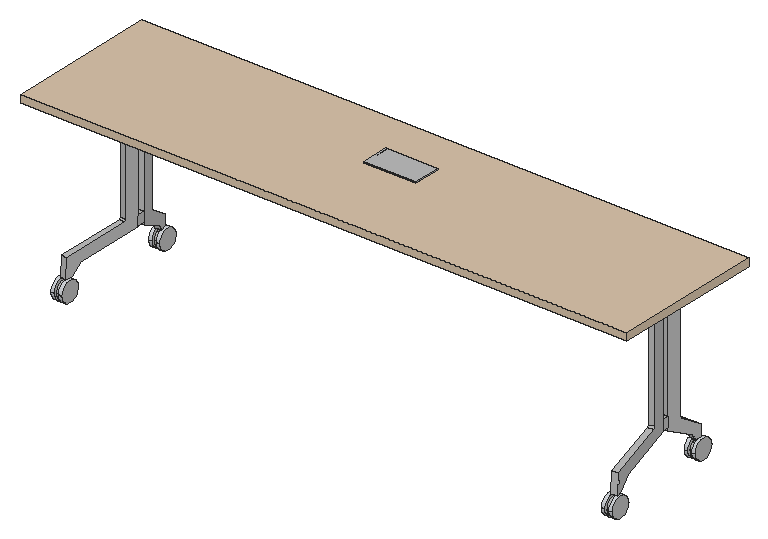
Revit family "Haworth_Planes_TrainingTable_Rectangular2024", category Furniture Systems, Revit 2018
Family settings
  Round Connector Dimension = Use Diameter
  Part Type = Normal
  OmniClass Number = 23.40.70.14.64.21
  OmniClass Title = Systems Furniture
  Work Plane-Based = No
  Always vertical = Yes
  Cut with Voids When Loaded = No
  Shared = No
  Room Calculation Point = No
Parameters (values of type "96w 24d")
  Width = 96"
  Warranty = "http://www.haworth.com/resources/product-info/warranties"
  URL - Product = "http://www.haworth.com/products/tables/training/planes"
  Type Comments = ""
  Table Finish [instance] = Haworth _ Laminate _ Maple H-AE
  Table Edge Finish [instance] = Haworth _ Laminate _ Maple H-AE
  Sustainability Info = "http://media.haworth.com/asset/5175/Planes%20tables%20PEDS.pdf"
  Stretcher Width = Actual Width - ([Support Spacing - From Edge] * 2)  # 82"
  Side Fliptop Graphic = and(Flip Top, [Opening Left/Right], Actual Width > 59")  # no
  Side Cutout Offset = Actual Width / 3  # 32"
  Opening Single Wide = no
  Opening Single Narrow = no
  Opening Single = not(or(Opening Single Narrow, Opening Single Wide))  # yes
  Opening Left/Right = no
  Opening Center = not([Opening Left/Right])  # yes
  Leg Placement = 6 3/16"  # constant formula
  Model = "TARA"  # constant formula
  Leg Finish [instance] = Haworth _ Paint _ Metallic Champagne
  Knife Edge = not(Edgeband)  # no
  Glides = not(Casters)  # no
  Flip Top Width = Cutout Width + 1/4"  # 8 1/4"
  Flip Top Finish = Haworth _ Paint _ Metallic Champagne
  Flip Top Depth = Cutout Depth + 3/8"  # 4 3/8"
  Flip Top = yes
  Edgeband = yes
  Description = "Haworth - Planes Training - Table Rectangular - 20 24"  # constant formula
  Depth = 24"
  Cutout Width = if(Opening Single Narrow, 5", if(Opening Single Wide, 11", 8"))  # 8"
  Cutout Depth = 4"  # constant formula
  URL = "www.haworth.com"
  Table Thickness = 1 3/16"  # constant formula
  Support Spacing - From Edge = 7"  # constant formula
  Size = "Verify Final Dim. w/ Haworth"  # constant formula
  Revision Number = "4"  # constant formula
  Min/Max Width = "36-96 in. @ 6 in. increments"  # constant formula
  Min/Max Depth = "20, 24in."  # constant formula
  Min. Width = 36"  # constant formula
  Max. Width = 96"  # constant formula
  Min. Depth = 20"  # constant formula
  Max. Depth = 24"  # constant formula
  Manufacturer = "Haworth"  # constant formula
  Leg Height = Actual Height - Table Thickness  # 27 13/16"
  Cutout = yes
  Custom Size = not(and(or(Depth = 20", Depth = 24"), or(Width = 36", Width = 42", Width = 48", Width = 54", Width = 60", Width = 66", Width = 72", Width = 78", Width = 84", Width = 90", Width = 96")))  # no
  Center Fliptop Graphic = and(Flip Top, Opening Center)  # yes
  Casters = yes
  Caster Finish [instance] = Haworth _ Paint _ Metallic Champagne
  Fliptop Offset = 6 87/128" + (Cutout Depth / 2)  # 8 87/128"
  Author = "Haworth (Hampton, Alias)"  # constant formula
  Assembly Code = "E2020200"
  Actual Width = if(Width < Min. Width, Min. Width, if(Width > Max. Width, Max. Width, Width))  # 96"
  Actual Height = 29"  # constant formula
  Actual Depth = if(Depth > Max. Depth, Max. Depth, if(Depth < Min. Depth, Min. Depth, Depth))  # 24"
Types (2): name | Width | Stretcher Width | Side Cutout Offset | Depth | Actual Width | Actual Depth
  60w 20d | 60" | 46" | 20" | 20" | 60" | 20"
  96w 24d | 96" | 82" | 32" | 24" | 96" | 24"
Reference planes (in)
  plane 1 "Center F/B": y = 0
  plane 2: z = 0
  plane 3 "Center L/R": x = 0
  plane 4 "Table Edge Left": x = -48
  plane 5 "Table Edge Right": x = 48
  plane 6 "Table Edge Front": y = 12
  plane 7 "Table Edge Back": y = -12
  plane 8 "Table Leg Left": x = -41
  plane 9 "Table Leg Right": x = 41
  plane 10 "Top": z = 29
  plane 11 "Support Back": y = 5.8125
  plane 12: y = 0.57316
  plane 13: x = -16
  plane 14: x = 16
  plane 15 "Fliptop Center FB": y = 3.32031
Dimensions and locks (in)
  "Support Spacing - From Edge": plane 4 "Table Edge Left" to plane 8 "Table Leg Left"
  "Support Spacing - From Edge": plane 9 "Table Leg Right" to plane 5 "Table Edge Right"
  "Actual Width": plane 4 "Table Edge Left" to plane 5 "Table Edge Right"
  equal spacing: plane 4 "Table Edge Left", plane 3 "Center L/R", plane 5 "Table Edge Right"
  "Actual Depth": plane 6 "Table Edge Front" to plane 7 "Table Edge Back"
  equal spacing: plane 6 "Table Edge Front", plane 1 "Center F/B", plane 7 "Table Edge Back"
  "Actual Height": plane 10 "Top" to level
  locked: plane 11 "Support Back" to plane 12 at 5.23934
  "Leg Placement": plane 6 "Table Edge Front" to plane 11 "Support Back"
  "Side Cutout Offset": plane 4 "Table Edge Left" to plane 13
  "Side Cutout Offset": plane 14 to plane 5 "Table Edge Right"
  "Fliptop Offset": plane 6 "Table Edge Front" to plane 15 "Fliptop Center FB"
  aligned and locked: plane 8 "Table Leg Left" to nested 1
  aligned and locked: nested 2 to plane 9 "Table Leg Right"
  aligned and locked: nested 3 to plane 2
  aligned and locked: plane 2 to nested 4
  aligned and locked: nested 4 to plane 11 "Support Back"
  aligned and locked: plane 3 "Center L/R" to nested 4
  aligned and locked: plane 3 "Center L/R" to nested 3
  aligned and locked: plane 1 "Center F/B" to nested 3
  aligned and locked: plane 3 "Center L/R" to nested 5
  aligned and locked: plane 10 "Top" to nested 5
  aligned and locked: plane 2 to nested 1
  aligned and locked: nested 2 to plane 2
  aligned and locked: plane 10 "Top" to nested 7
  aligned and locked: plane 10 "Top" to nested 6
  aligned and locked: nested 7 to plane 10 "Top"
  aligned and locked: plane 13 to nested 6
  aligned and locked: plane 14 to nested 7
  aligned and locked: nested 5 to plane 15 "Fliptop Center FB"
  aligned and locked: nested 6 to plane 15 "Fliptop Center FB"
  aligned and locked: nested 7 to plane 15 "Fliptop Center FB"
Nested families (in)
  nested 1: "Haworth_Leg-Planes_Training_24D" at (-41.19689, -3, 0), type "Leg"
  nested 2: "Haworth_Leg-Planes_Training_24D" at (41.19689, -3, 0) x (-1, 0, 0) z (0, 0, 1), type "Leg"
  nested 3: "Haworth_Planes_Worksurface_Rectangular_Part" at (0, -15, 0), type "Worksurface"
    with Side Cutout Offset 32", Side Cutout Graphic no, Side Cutout Dimension 1", Opening Left/Right no, Actual Width 96", Actual Depth 24"
  nested 4: "Haworth_Planes_TrainingTable_Stretcher_Part" at (0, 0.00053, 0), type "Stretcher"
    with Actual Width 82"
  nested 5: "Haworth_Worksurface_FlipTop_Unit_Part" at (-0.57037, 3.26783, 29), visible <- "Center Fliptop Graphic", type "Single Sided"
  nested 6: "Haworth_Worksurface_FlipTop_Unit_Part" at (-16.57037, 3.26783, 29), visible <- "Side Fliptop Graphic", type "Single Sided"
  nested 7: "Haworth_Worksurface_FlipTop_Unit_Part" at (15.42963, 3.26783, 29), visible <- "Side Fliptop Graphic", type "Single Sided"
Definition of nested family "Haworth_Leg-Planes_Training_24D"
  Parameters (values of type "Leg")
    Table Depth = 24"
    Model = "Haworth_Leg-Planes_Training_24D"  # constant formula
    Manufacturer = "Haworth"  # constant formula
    Leg Height = 27 13/16"
    Leg Finish = none
    Glides = no
    Front Leg Depth = Table Depth - 12 1/2"  # 11 1/2"
    Description = "Haworth_Leg-Planes_Training_24D"
    Casters = yes
    Caster Finish = none
    Author = "Haworth (Hampton)"  # constant formula
    Assembly Code = ""
  Reference planes (in)
    plane 1 "Center (Front/Back)": y = 0
    plane 2: z = 0
    plane 3 "Center (Left/Right)": x = 0
    plane 4 "Top of Leg": z = 27.8125
    plane 5 "Y Leg Stand": x = -2.35156
    plane 6 "Left Y Leg": through (-0.17621, 0.60996, 48) normal (-0.8829, -0.4695, 0)
    plane 7 "Left Post": x = -0.5625
    plane 8 "Left Support": y = 11.57793
    plane 9: through (-0.17621, -0.60996, 48) normal (0.8829, -0.4695, 0)
    plane 10: y = -11.32793
    plane 11: x = -1.18359
    plane 12: y = 6.2083
  Forms (in)
    Revolve 1, solid, material <- "Leg Finish", visible <- "Glides"
      sketch origin (-1.19307, 0.20824, 0) x (-0.000803, -1, 0) y (0, 0, 1)
        loop
          line (-11.36969, 3.4375) -> (-11.36969, 0) -> (-10.36969, 0) -> (-10.36969, 0.1875) -> (-10.93219, 0.1875) -> (-10.93219, 3.4375) -> (-11.36969, 3.4375)
        axis (-11.36969, 3.4375) -> (-11.36969, 0)
      angle from 0 to 360
    Revolve 2, solid, material <- "Leg Finish", visible <- "Glides"
      sketch origin (-2.36034, 6.04176, 0) x (-0.000803, 1, 0) y (0, 0, -1)
        loop
          line (-11.36969, -3.4375) -> (-10.93219, -3.4375) -> (-10.93219, -0.1875) -> (-10.36969, -0.1875) -> (-10.36969, 0) -> (-11.36969, 0) -> (-11.36969, -3.4375)
        axis (-11.36969, -3.4375) -> (-11.36969, 0)
      angle from 0 to 360
    Extrusion 3, solid, material <- "Leg Finish"
      sketch origin (2.0119, -0.80233, 0) x (0.182579, 0.983191, 0) y (0, 0, 1)
        loop
          line (-5.69087, 6.26139) -> (-5.92579, 3.18345) -> (-4.98335, 3.18345) -> (-3.36322, 4.80358) -> (5.9043, 6.287) -> (5.9043, 27.24592) -> (3.92462, 27.24592) -> (3.92462, 8.10519)
          arc (3.92462, 8.10519) -> (3.85321, 7.91062) -> (3.67287, 7.80844) r 0.30078
          line (3.67287, 7.80844) -> (-5.69087, 6.26139)
      from -3.86674 to -2.94248
    Extrusion 4, solid, material <- "Leg Finish"
      sketch origin (1.99524, 0.3822, 0) x (-0.173889, 0.984765, 0) y (0, 0, 1)
        loop
          line (12.02172, 5.02236) -> (8.82242, 7.10002)
          arc (8.82242, 7.10002) -> (8.72191, 7.20875) -> (8.68546, 7.35227) r 0.30078
          line (8.68546, 7.35227) -> (8.68546, 27.24758) -> (6.68546, 27.24758) -> (6.68546, 6.03031) -> (10.72996, 3.95038) -> (11.08119, 3.19717) -> (12.08119, 3.19717) -> (12.02172, 5.02236)
      from -1.61621 to -0.69725
    Extrusion 5, solid, material <- "Leg Finish"
      sketch origin (0, 0, 0) x (1, 0, 0) y (0, 1, 0)
        loop
          line (-1.10665, 8.6543) -> (-1.44451, 8.6543) -> (-1.44451, 3.76231) -> (-1.07329, 3.76231) -> (-0.71184, 5.70871) -> (-0.75887, 6.68477) -> (-1.10665, 8.6543)
      from 25.04979 to 26.93342
    Extrusion 6, solid, material <- "Leg Finish"
      sketch origin (0, 0, 0) x (1, 0, 0) y (0, 1, 0)
        loop
          line (-0.75887, 6.68477) -> (-0.71184, 5.70871) -> (0.19689, 5.53996) -> (0.14609, 6.84456) -> (-0.75887, 6.68477)
      from 6.48123 to 8.06038
  Lines and regions (in)
    symbolic lines, detail levels fine
      curve 1: line (-2.87176, -5.92254, 0) -> (-1.96304, -6.09129, 0)
      curve 2: line (-1.96304, -6.09129, 0) -> (0.19689, 5.53996, 0)
      curve 3: line (0.19689, 5.53996, 0) -> (0.14609, 6.84456, 0)
      curve 4: line (0.14609, 6.84456, 0) -> (-0.79217, 12.15809, 0)
      curve 5: line (-0.79217, 12.15809, 0) -> (-1.69713, 11.9983, 0)
      curve 6: line (-1.69713, 11.9983, 0) -> (-0.75887, 6.68477, 0)
      curve 7: line (-0.75887, 6.68477, 0) -> (-0.71184, 5.70871, 0)
      curve 8: line (-0.71184, 5.70871, 0) -> (-2.87176, -5.92254, 0)
  Dimensions and locks (in)
    "Leg Height": plane 4 "Top of Leg" to level
    plane 8 "Left Support" to plane 10 = 22.90586"
    plane 12 to plane 10 = 17.53623"
  Automatic sketch dimensions
    Revolve 1 sketch curve to level = 0"
    level to Revolve 1 sketch curve = 3.42885"
    Revolve 1 sketch curve to Revolve 1 sketch curve = 0"
    level to Revolve 1 sketch curve = 3/16"
    Revolve 1 sketch curve to Revolve 1 sketch curve = 7/16"
    Revolve 1 sketch curve to Revolve 1 sketch curve = 9/16"
    Revolve 1 sketch curve to level = 1.07115"
    Revolve 1 sketch curve to Revolve 1 sketch curve = 0.00865"
    Revolve 2 sketch curve to level = 0"
    level to Revolve 2 sketch curve = 3.42885"
    Revolve 2 sketch curve to Revolve 2 sketch curve = 0"
    level to Revolve 2 sketch curve = 3/16"
    Revolve 2 sketch curve to Revolve 2 sketch curve = 7/16"
    Revolve 2 sketch curve to Revolve 2 sketch curve = 9/16"
    Revolve 2 sketch curve to Revolve 2 sketch curve = 0.00865"
    Revolve 2 sketch curve to level = 1.07115"
    Extrusion 3 sketch curve to Extrusion 3 sketch curve = 1.62012"  (x2)
    Extrusion 3 sketch curve to Extrusion 3 sketch curve = 0.04903"
    Extrusion 3 sketch curve to Extrusion 3 sketch curve = 77/256"
    Extrusion 3 sketch curve to plane 4 "Top of Leg" = 0.56658"
    Extrusion 3 sketch curve to Extrusion 3 sketch curve = 1.97968"
    level to Extrusion 3 sketch curve = 8.10519"
    Extrusion 3 sketch curve to Extrusion 3 sketch curve = 1.81819"
    level to Extrusion 3 sketch curve = 6.26139"
    Extrusion 3 sketch curve to Extrusion 3 sketch curve = 1.45781"
    Extrusion 3 sketch curve to Extrusion 3 sketch curve = 0.23492"
    Extrusion 3 sketch curve to Extrusion 3 sketch curve = 0.94244"
    Extrusion 3 sketch curve to Extrusion 3 sketch curve = 6.98706"
    Extrusion 4 sketch curve to plane 4 "Top of Leg" = 0.56492"
    Extrusion 4 sketch curve to Extrusion 4 sketch curve = 2"
    Extrusion 4 sketch curve to Extrusion 4 sketch curve = 0.13696"
    Extrusion 4 sketch curve to Extrusion 4 sketch curve = 77/256"
    level to Extrusion 4 sketch curve = 7.35227"
    Extrusion 4 sketch curve to Extrusion 4 sketch curve = 1.06971"
    Extrusion 4 sketch curve to Extrusion 4 sketch curve = 2.07765"
    Extrusion 4 sketch curve to Extrusion 4 sketch curve = 1.07199"
    Extrusion 4 sketch curve to Extrusion 4 sketch curve = 0.75321"
    Extrusion 4 sketch curve to Extrusion 4 sketch curve = 1.90754"
    Extrusion 4 sketch curve to Extrusion 4 sketch curve = 0.35123"
    Extrusion 4 sketch curve to Extrusion 4 sketch curve = 1.29176"
    Extrusion 4 sketch curve to Extrusion 4 sketch curve = 1"
    plane 11 to Extrusion 5 sketch curve = 0.26091"
    Extrusion 5 sketch curve to plane 11 = 0.07695"
    Extrusion 5 sketch curve to plane 11 = 0.11031"
    plane 7 "Left Post" to Extrusion 5 sketch curve = 0.19637"
    plane 7 "Left Post" to Extrusion 5 sketch curve = 0.14934"
    Extrusion 5 sketch curve to plane 1 "Center (Front/Back)" = 3.76231"
    Extrusion 5 sketch curve to Extrusion 5 sketch curve = 1.9464"
    Extrusion 5 sketch curve to Extrusion 5 sketch curve = 0.97606"
    Extrusion 5 sketch curve to Extrusion 5 sketch curve = 1.96953"
    plane 7 "Left Post" to Extrusion 6 sketch curve = 0.19637"
    plane 7 "Left Post" to Extrusion 6 sketch curve = 0.14934"
    plane 3 "Center (Left/Right)" to Extrusion 6 sketch curve = 0.14609"
    plane 3 "Center (Left/Right)" to Extrusion 6 sketch curve = 0.19689"
    Extrusion 6 sketch curve to plane 1 "Center (Front/Back)" = 5.53996"
    Extrusion 6 sketch curve to Extrusion 6 sketch curve = 0.16875"
    Extrusion 6 sketch curve to Extrusion 6 sketch curve = 0.97606"
    Extrusion 6 sketch curve to Extrusion 6 sketch curve = 0.1598"
    plane 5 "Y Leg Stand" to curve 1 = 0.5202"
    curve 1 to plane 5 "Y Leg Stand" = 0.38852"
    plane 11 to curve 5 = 0.51353"
    plane 7 "Left Post" to curve 4 = 0.22967"
    plane 7 "Left Post" to curve 7 = 0.19637"
    plane 7 "Left Post" to curve 8 = 0.14934"
    plane 3 "Center (Left/Right)" to curve 3 = 0.14609"
    plane 3 "Center (Left/Right)" to curve 3 = 0.19689"
    curve 1 to curve 1 = 0.16875"
    curve 7 to plane 12 = 0.49959"
    plane 12 to curve 7 = 0.47646"
    curve 6 to curve 3 = 0.1598"
  Nested families (in)
    nested 1: "Haworth_3in Caster" at (-1.18359, 11.57793, 0), visible <- "Casters", type "Haworth_3in Caster"
    nested 2: "Haworth_3in Caster" at (-2.35156, -5.32793, 0), visible <- "Casters", type "Haworth_3in Caster"
  Definition of nested family "Haworth_3in Caster"
    Parameters
      Glides = yes
      Caster Finish = none
      Cart Leg Finish = none
      Assembly Code = ""
    Reference planes (in)
      plane 1 "Center (Front/Back)": y = 0
      plane 2: z = 0
      plane 3 "Center (Left/Right)": x = 0
    Forms (in)
      Extrusion 1, solid
        sketch origin (0, 0, -0.02118) x (0, 1, 0) y (0, 0, 1)
          loop
            circle (-0.48695, 1.58368) r 1.5625
        from 0.875 to 0.3125
      Extrusion 2, solid
        sketch origin (0, 0, -0.02118) x (0, 1, 0) y (0, 0, 1)
          loop
            circle (-0.48695, 1.58368) r 1.5625
        from -0.875 to -0.3125
      Extrusion 3, solid
        sketch origin (0, 0, 0) x (0, 1, 0) y (0, 0, 1)
          loop
            circle (-0.48695, 1.5625) r 1.3125
        from -0.3125 to 0.3125
      Extrusion 4, solid
        sketch origin (0, 0, 0) x (1, 0, 0) y (0, 1, 0)
          loop
            circle (0, 0) r 0.25
        from 2.4375 to 3.4375
    Cuts and joins
      joined: Extrusion 3, Extrusion 4
    Dimensions and locks (in)
      plane 3 "Center (Left/Right)" to Extrusion 2 = 5/16"
      Extrusion 1 to plane 3 "Center (Left/Right)" = 7/8"
Definition of nested family "Haworth_Planes_Worksurface_Rectangular_Part"
  Parameters (values of type "Worksurface")
    Warranty = "http://www.haworth.com/resources/product-info/warranties"
    URL - Product = ""
    URL = "www.haworth.com"
    Thickness = 1 3/16"  # constant formula
    Table Finish = none
    Table Edge Finish = none
    Size = "Verify Final Dim. w/ Haworth"  # constant formula
    Side Cutout Offset = Actual Width / 3  # 20"
    Side Cutout Graphic = and(Cutout, [Opening Left/Right], Actual Width > 59")  # yes
    Side Cutout Dimension = if(and(Cutout, [Opening Left/Right], Actual Width > 59"), 3", 1")  # 3"
    Revision Number = ""
    Opening Left/Right = yes
    Opening Center = yes
    Model = "Haworth Planes"
    Manufacturer = "Haworth"  # constant formula
    Knife Edge = no
    Edgeband = yes
    Description = "Haworth Planes Worksurface - Part"
    Cutout Width = 8"
    Cutout Offset = 6 87/128"  # constant formula
    Center Cutout Graphic = and(Cutout, Opening Center)  # yes
    Center Cutout Dimension = if(and(Cutout, Opening Center), 3", 1")  # 3"
    Cutout Depth = 4"
    Cutout = yes
    Author = "Haworth (Alias), SHAPE Environments, LLC"  # constant formula
    Assembly Code = ""
    Actual Width = 60"
    Actual Height = 29"
    Actual Depth = 30"
  Reference planes (in)
    plane 1 "Center F/B": y = 15
    plane 2: z = 0
    plane 3 "Center L/R": x = 0
    plane 4 "Table Front": y = 30
    plane 5 "Table Right": x = 30
    plane 6 "Table Left": x = -30
    plane 7 "Table Back": y = 0
    plane 8 "Table Top": z = 29
    plane 9 "Table Bottom": z = 27.8125
    plane 10 "Cutout Top": z = 30
    plane 11 "Cutout Bottom": z = 27
    plane 12 "Knife Edge Middle": z = 28.625
    plane 13 "Cutout Back": y = 23.32031
    plane 14 "Cutout Front": y = 19.32031
    plane 15 "Cutout Middle": y = 21.32031
    plane 16: x = -10
    plane 17: x = 10
    plane 18 "Side Cutout": z = 27
  Forms (in)
    Extrusion 1, solid, material <- "Table Finish", visible <- "Edgeband"
      sketch origin (0, 0, 0) x (1, 0, 0) y (0, 1, 0)
        loop
          line (-30, 30) -> (-30, 0) -> (30, 0) -> (30, 30) -> (-30, 30)
      from 27.8125 to 29
    Extrusion 2, solid, material <- "Table Finish", visible <- "Knife Edge"
      sketch origin (0, 0, 0) x (1, 0, 0) y (0, 1, 0)
        loop
          line (-30, 30) -> (-30, 0) -> (30, 0) -> (30, 30) -> (-30, 30)
      from 29 to 28.625
    Extrusion 3, void
      sketch origin (0, 0, 29) x (-1, 0, 0) y (0, -1, 0)
        loop
          line (4, -23.32031) -> (4, -19.32031) -> (-4, -19.32031) -> (-4, -23.32031) -> (4, -23.32031)
      from -2 to 1
    Blend 4, solid, material <- "Table Finish", visible <- "Knife Edge"
      base sketch origin (0, 0, 0) x (1, 0, 0) y (0, 1, 0)
        loop
          line (-30, 30) -> (-30, 2) -> (30, 2) -> (30, 30) -> (-30, 30)
      top sketch origin (0, 0, 0) x (1, 0, 0) y (0, 1, 0)
        loop
          line (-30, 30) -> (-30, 0) -> (30, 0) -> (30, 30) -> (-30, 30)
      from 27.8125 to 28.625
    Extrusion 5, void
      sketch origin (0, 0, 0) x (1, 0, 0) y (0, 1, 0)
        loop
          line (6, 23.32031) -> (6, 19.32031) -> (14, 19.32031) -> (14, 23.32031) -> (6, 23.32031)
        loop
          line (-14, 23.32031) -> (-14, 19.32031) -> (-6, 19.32031) -> (-6, 23.32031) -> (-14, 23.32031)
      from 27 to 30
  Cuts and joins
    Extrusion 3, Extrusion 5 cuts Extrusion 2
    Extrusion 3, Extrusion 5 cuts Blend 4
    joined: Extrusion 2, Blend 4
    Extrusion 3, Extrusion 5 cuts Extrusion 1
  Lines and regions (in)
    Masking region 1
      outline origin (0, 0, 0) x (1, 0, 0) y (0, 1, 0)
        loop
          line (-30, 30) -> (-30, 0) -> (30, 0) -> (30, 30) -> (-30, 30)
    symbolic lines, visible <- "Center Cutout Graphic"
      curve 1: line (-4, 23.32031, 0) -> (-4, 19.32031, 0)
      curve 2: line (-4, 19.32031, 0) -> (4, 19.32031, 0)
      curve 3: line (4, 19.32031, 0) -> (4, 23.32031, 0)
      curve 4: line (4, 23.32031, 0) -> (-4, 23.32031, 0)
    symbolic lines, visible <- "Knife Edge", detail levels medium+fine
      curve 5: line (-30, 2, 0) -> (30, 2, 0)
    symbolic lines, visible <- "Side Cutout Graphic"
      curve 6: line (-14, 19.32031, 0) -> (-14, 23.32031, 0)
      curve 7: line (-14, 23.32031, 0) -> (-6, 23.32031, 0)
      curve 8: line (-6, 23.32031, 0) -> (-6, 19.32031, 0)
      curve 9: line (-6, 19.32031, 0) -> (-14, 19.32031, 0)
      curve 10: line (6, 23.32031, 0) -> (14, 23.32031, 0)
      curve 11: line (14, 23.32031, 0) -> (14, 19.32031, 0)
      curve 12: line (14, 19.32031, 0) -> (6, 19.32031, 0)
      curve 13: line (6, 19.32031, 0) -> (6, 23.32031, 0)
  Dimensions and locks (in)
    "Actual Depth": plane 7 "Table Back" to plane 4 "Table Front"
    "Actual Width": plane 6 "Table Left" to plane 5 "Table Right"
    equal spacing: plane 6 "Table Left", plane 3 "Center L/R", plane 5 "Table Right"
    equal spacing: plane 4 "Table Front", plane 1 "Center F/B", plane 7 "Table Back"
    "Thickness": plane 8 "Table Top" to plane 9 "Table Bottom"
    "Actual Height": plane 8 "Table Top" to level
    equal spacing: Extrusion 3 sketch curve, plane 3 "Center L/R", Extrusion 3 sketch curve
    "Cutout Width": Extrusion 3 sketch curve to Extrusion 3 sketch curve
    locked: plane 10 "Cutout Top" to plane 8 "Table Top" at 1
    "Center Cutout Dimension": plane 10 "Cutout Top" to plane 11 "Cutout Bottom"
    locked: plane 8 "Table Top" to plane 12 "Knife Edge Middle" at 0.375
    locked: plane 7 "Table Back" to curve 5 at 2
    locked: Blend 4 sketch curve to plane 7 "Table Back" at 2
    "Cutout Offset": plane 13 "Cutout Back" to plane 4 "Table Front"
    "Cutout Depth": plane 14 "Cutout Front" to plane 13 "Cutout Back"
    equal spacing: plane 14 "Cutout Front", plane 15 "Cutout Middle", plane 13 "Cutout Back"
    "Side Cutout Offset": plane 6 "Table Left" to plane 16
    "Side Cutout Offset": plane 17 to plane 5 "Table Right"
    equal spacing: Extrusion 5 sketch curve, plane 17, Extrusion 5 sketch curve
    equal spacing: Extrusion 5 sketch curve, plane 16, Extrusion 5 sketch curve
    "Cutout Width": Extrusion 5 sketch curve to Extrusion 5 sketch curve  (x2)
    "Side Cutout Dimension": plane 10 "Cutout Top" to plane 18 "Side Cutout"
    aligned and locked: plane 6 "Table Left" to Extrusion 1 sketch curve
    aligned and locked: Extrusion 1 sketch curve to plane 4 "Table Front"
    aligned and locked: plane 7 "Table Back" to Extrusion 1 sketch curve
    aligned and locked: plane 5 "Table Right" to Extrusion 1 sketch curve
    aligned and locked: plane 8 "Table Top" to Extrusion 1
    aligned and locked: Extrusion 1 to plane 9 "Table Bottom"
    aligned and locked: plane 6 "Table Left" to Extrusion 2 sketch curve
    aligned and locked: plane 5 "Table Right" to Extrusion 2 sketch curve
    aligned and locked: Extrusion 2 sketch curve to plane 4 "Table Front"
    aligned and locked: plane 10 "Cutout Top" to Extrusion 3
    aligned and locked: Extrusion 3 to plane 11 "Cutout Bottom"
    aligned and locked: Masking region 1 sketch curve to plane 7 "Table Back"
    aligned and locked: plane 6 "Table Left" to Masking region 1 sketch curve
    aligned and locked: Masking region 1 sketch curve to plane 4 "Table Front"
    aligned and locked: plane 5 "Table Right" to Masking region 1 sketch curve
    aligned and locked: curve 1 to Extrusion 3
    aligned and locked: Extrusion 3 to curve 3
    aligned and locked: cut or joined group of Extrusion 2, Extrusion 3, Blend 4, Extrusion 5 to plane 12 "Knife Edge Middle"
    aligned and locked: plane 8 "Table Top" to cut or joined group of Extrusion 2, Extrusion 3, Blend 4, Extrusion 5
    aligned and locked: Extrusion 2 sketch curve to plane 7 "Table Back"
    aligned and locked: plane 5 "Table Right" to Blend 4 sketch curve  (x2)
    aligned and locked: Blend 4 sketch curve to plane 4 "Table Front"  (x2)
    aligned and locked: plane 6 "Table Left" to Blend 4 sketch curve  (x2)
    aligned and locked: Blend 4 sketch curve to plane 7 "Table Back"
    aligned and locked: Blend 4 to plane 12 "Knife Edge Middle"
    aligned and locked: Blend 4 to plane 9 "Table Bottom"
    aligned and locked: plane 13 "Cutout Back" to Extrusion 3 sketch curve
    aligned and locked: Extrusion 3 sketch curve to plane 14 "Cutout Front"
    aligned and locked: plane 13 "Cutout Back" to Extrusion 5 sketch curve  (x2)
    aligned and locked: Extrusion 5 sketch curve to plane 14 "Cutout Front"  (x2)
    aligned and locked: Extrusion 5 to plane 10 "Cutout Top"
    aligned and locked: Extrusion 5 to plane 18 "Side Cutout"
    aligned and locked: curve 6 to cut or joined group of Extrusion 1, Extrusion 3, Extrusion 5
    aligned and locked: curve 7 to cut or joined group of Extrusion 1, Extrusion 3, Extrusion 5
    aligned and locked: curve 8 to cut or joined group of Extrusion 1, Extrusion 3, Extrusion 5
    aligned and locked: curve 9 to cut or joined group of Extrusion 1, Extrusion 3, Extrusion 5
    aligned and locked: curve 10 to cut or joined group of Extrusion 1, Extrusion 3, Extrusion 5
    aligned and locked: curve 11 to cut or joined group of Extrusion 1, Extrusion 3, Extrusion 5
    aligned and locked: curve 12 to cut or joined group of Extrusion 1, Extrusion 3, Extrusion 5
    aligned and locked: curve 13 to cut or joined group of Extrusion 1, Extrusion 3, Extrusion 5
  Automatic sketch dimensions
    curve 5 to plane 6 "Table Left" = 0"
    curve 5 to plane 5 "Table Right" = 0"
    plane 14 "Cutout Front" to curve 2 = 0"
    plane 13 "Cutout Back" to curve 4 = 0"
Definition of nested family "Haworth_Planes_TrainingTable_Stretcher_Part"
  Parameters (values of type "Stretcher")
    Warranty = "http://www.haworth.com/resources/product-info/warranties"
    URL - Product = "http://www.haworth.com/products/tables/training/planes"
    Type Comments = ""
    Sustainability Info = "http://media.haworth.com/asset/5175/Planes%20tables%20PEDS.pdf"
    Model = "TARA"  # constant formula
    Leg Finish = none
    Description = "Haworth - Planes Training - Table Stretcher"
    URL = "www.haworth.com"
    Size = "Verify Final Dim. w/ Haworth"  # constant formula
    Revision Number = "1"  # constant formula
    Manufacturer = "Haworth"  # constant formula
    Author = "Haworth (Hampton)"  # constant formula
    Assembly Code = "E2020200"
    Actual Width = 46"
    Actual Depth = 5 61/256"  # constant formula
  Reference planes (in)
    plane 1 "Bottom": z = 0
    plane 2 "Center L/R": x = 0
    plane 3 "Left": x = -23
    plane 4 "Right": x = 23
    plane 5 "Strecther Back": y = 5.81197
    plane 6 "Stretcher Front": y = 0.57369
    plane 7 "Center FB": y = 3.19283
  Forms (in)
    Extrusion 1, solid, material <- "Leg Finish"
      sketch origin (30, 0.35365, 0) x (0, 1, 0) y (0, 0, 1)
        loop
          line (0.2204, 26.95529) -> (0.2204, 25.04023) -> (1.90683, 24.00491) -> (1.98015, 23.98526) -> (3.69856, 23.98526) -> (3.77188, 24.00491) -> (5.45832, 25.04023) -> (5.45832, 26.95529) -> (0.2204, 26.95529)
      from -53 to -7
  Lines and regions (in)
    symbolic lines, detail levels medium+fine
      curve 1: line (-23, 0.57369, 29) -> (23, 0.57369, 29)
      curve 2: line (23.19689, 5.81197, 29) -> (-23.19689, 5.81197, 29)
  Dimensions and locks (in)
    "Actual Depth": plane 5 "Strecther Back" to plane 6 "Stretcher Front"
    equal spacing: plane 5 "Strecther Back", plane 7 "Center FB", plane 6 "Stretcher Front"
    "Actual Width": plane 3 "Left" to plane 4 "Right"
    equal spacing: plane 3 "Left", plane 2 "Center L/R", plane 4 "Right"
    aligned and locked: plane 4 "Right" to Extrusion 1
    aligned and locked: Extrusion 1 to plane 3 "Left"
    aligned and locked: plane 5 "Strecther Back" to Extrusion 1
    aligned and locked: curve 1 to plane 6 "Stretcher Front"
    aligned and locked: plane 5 "Strecther Back" to curve 2
  Automatic sketch dimensions
    Extrusion 1 sketch curve to Extrusion 1 sketch curve = 1.68644"  (x2)
    Extrusion 1 sketch curve to Extrusion 1 sketch curve = 0.07332"  (x2)
    Extrusion 1 sketch curve to Extrusion 1 sketch curve = 1.71841"
    Extrusion 1 sketch curve to Extrusion 1 sketch curve = 0.01965"  (x2)
    Extrusion 1 sketch curve to Extrusion 1 sketch curve = 1.03532"  (x2)
    Extrusion 1 sketch curve to Extrusion 1 sketch curve = 1.91506"
    curve 1 to plane 4 "Right" = 0"
    curve 1 to plane 3 "Left" = 0"
    plane 4 "Right" to curve 2 = 0.19689"
    curve 2 to plane 3 "Left" = 0.19689"
    Extrusion 1 sketch curve to plane 5 "Strecther Back" = 0"
    level to Extrusion 1 sketch curve = 23.98526"
Definition of nested family "Haworth_Worksurface_FlipTop_Unit_Part"
  Parameters (values of type "Single Sided")
    Warranty = "www.haworth.com/en-us/Products/Pages/Certifications.aspx"
    URL - Product = "www.haworth.com/en-us/Products/Furniture/Systems/Desking-Systems/Pages/Compose.aspx"
    URL = "www.haworth.com"
    Sustainability Info = "www.haworth.com/en-us/About-Us/Sustainability/Pages/Vision.aspx"
    Size = "Verify Final Dim. w/ Haworth"  # constant formula
    Revision Number = "2"  # constant formula
    Model = "Haworth_Worksurface-Flip_Top_Unit"  # constant formula
    Manufacturer = "Haworth"  # constant formula
    LEED Data = "www.haworth.com/_layouts/Haworth.ProductCatalog/Handlers/GetAsset.ashx/ComposeLEEDContributions.pdf?cid=27&rid=1824&type=Leed"
    Flip Top Finish = none
    Description = "Haworth Worksurface-Flip Top Unit - Part"
    Default Elevation = 48"
    Author = "SHAPE Environments, LLC"  # constant formula
    Assembly Code = "E2020200"
    Actual Width = 8 1/4"
    Actual Depth = 4 3/8"
  Reference planes (in)
    plane 1 "Center F/B": y = 0.05249
    plane 2: z = 0
    plane 3 "Center L/R": x = 0.57037
    plane 4 "Back": y = 2.23999
    plane 5 "Right": x = 4.69537
    plane 6 "Front": y = -2.13501
    plane 7 "Left": x = -3.55463
    plane 8 "Table Height": z = 0
  Forms (in)
    Extrusion 1, solid, material <- "Flip Top Finish"
      sketch origin (0, 0, 0) x (-1, 0, 0) y (0, -1, 0)
        loop
          line (3.55463, -2.23999) -> (3.55463, 2.13501) -> (-4.69537, 2.13501) -> (-4.69537, -2.23999) -> (3.55463, -2.23999)
      from 0 to 0.125
    Extrusion 2, solid, material <- "Flip Top Finish"
      sketch origin (0, 0, 0) x (-1, 0, 0) y (0, -1, 0)
        loop
          line (3.42963, -2.05249) -> (3.42963, 1.94751) -> (-4.57037, 1.94751) -> (-4.57037, -2.05249) -> (3.42963, -2.05249)
      from 0 to -2.75
  Cuts and joins
    joined: Extrusion 1, Extrusion 2
  Lines and regions (in)
    Masking region 1
      outline origin (0, 0, 0) x (1, 0, 0) y (0, 1, 0)
        loop
          line (-3.55463, 2.23999) -> (-3.55463, -2.13501) -> (4.69537, -2.13501) -> (4.69537, 2.23999) -> (-3.55463, 2.23999)
  Dimensions and locks (in)
    equal spacing: plane 7 "Left", plane 3 "Center L/R", plane 5 "Right"
    "Actual Width": plane 7 "Left" to plane 5 "Right"
    equal spacing: plane 6 "Front", plane 1 "Center F/B", plane 4 "Back"
    "Actual Depth": plane 4 "Back" to plane 6 "Front"
    plane 7 "Left" to Extrusion 2 sketch curve = 1/8"
    plane 4 "Back" to Extrusion 2 sketch curve = 3/16"
    Extrusion 2 sketch curve to plane 5 "Right" = 1/8"
    Extrusion 2 sketch curve to plane 6 "Front" = 3/16"
    locked: plane 8 "Table Height" to level
    aligned and locked: plane 7 "Left" to Extrusion 1 sketch curve
    aligned and locked: Extrusion 1 sketch curve to plane 4 "Back"
    aligned and locked: plane 6 "Front" to Extrusion 1 sketch curve
    aligned and locked: Extrusion 1 sketch curve to plane 5 "Right"
    aligned and locked: Masking region 1 sketch curve to cut or joined group of Extrusion 1, Extrusion 2  (x3)
    aligned and locked: cut or joined group of Extrusion 1, Extrusion 2 to Masking region 1 sketch curve
